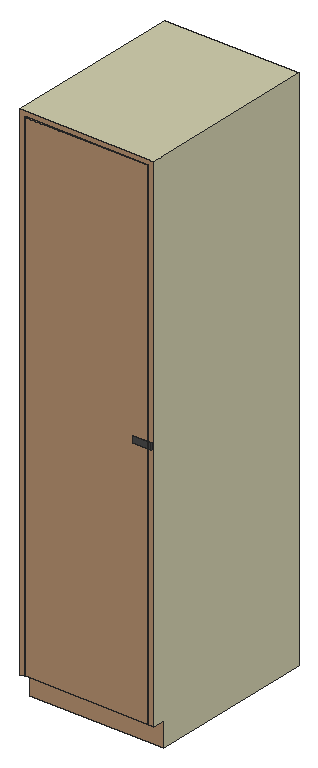
Revit family "Cabinet_Wenger_UltraStor_08", category Furniture, Revit 2015
Parameters (values of type "Narrow UltraStor Cabinet #08 - Comp Wood Doors")
  URL = "https://www.wengercorp.com/"
  Type Comments = ""
  Specification = "http://www.arcat.com/sdspecs/htm04/12_35_83wen.htm"
  Shelf Thickness = 0' - 1 1/8"
  Sales Information = "https://www.wengercorp.com/contact-us.php"
  Revision = "R1_2018-04"
  Rear Panel Thickness = 0' - 0 3/4"
  Product Data = "http://www.arcat.com/arcatcos/cos36/arc36487.html"
  Manufacturer Website = "https://www.wengercorp.com/"
  Manufacturer Phone - Toll Free = "800-4WENGER"
  Manufacturer Phone = "(507) 455-4100"
  Manufacturer Fax = "(507) 455-4258"
  Manufacturer Address = "555 Park Dr., Owatonna, MN 55060"
  Keynote = "12 35 83"
  HasDoors = yes
  Green Building-LEED = "http://www.arcat.com/green/clients/leed_data_36487.html"
  Drawn By = "Sumex Design, Inc. / Robert S. Weygant, CSI, CDT, SCIP"
  Door Width = (Cabinet Width - 0' 3") / 3  # 0' - 6.16667"
  Door Style = Door_FullHt : Solid Door
  Door Material [instance] = Wenger Cherry (Use Cherry Edge Band Only)
  Door Height = (Cabinet Height - 0' 4 3/4") / 5  # 1' - 4.175"
  Toe Kick Material [instance] = Wenger Cherry (Use Cherry Edge Band Only)
  RH End Panel [instance] = no
  Model = "#08N"
  Manufacturer = "Wenger Corporation"
  LH End Panel [instance] = no
  End Panel Material [instance] = Wenger Cherry (Use Cherry Edge Band Only)
  Edge Banding Material [instance] = Wenger Cherry (Use Cherry Edge Band Only)
  Cost = 0
  Copyright = "© 2018 Arcat Inc."
  Construction Details = "http://www.arcat.com/details/wengerco/wengerco.html?coid=36487"
  Body Material [instance] = Wenger - Oyster
  Description = "Wenger Narrow Cabinet #08 - Comp Wood Doors"
  Cabinet Width = 1' - 9 1/2"
  Cabinet Height = 7' - 1 5/8"
  Installed Depth = 2' - 5 1/4"
  Cabinet Panel Thickness = 0' - 0 3/4"
  Assembly Code = "E2010200"
Types (14): name | Rear Panel Thickness | HasDoors | Door Width | Door Style | Door Material | Model | Description | Cabinet Width | Installed Depth
  Acoustic Cabinet #08 - No Doors | 0' - 3 1/4" | no | 0' - 8.16667" | Door_FullHt : Solid Door | none | "#08A" | "Wenger Acoustic Cabinet #08 - No Doors" | 2' - 3 1/2" | 2' - 7 3/4"
  Narrow Acoustic Cabinet #08 - No Doors | 0' - 3 1/4" | no | 0' - 6.16667" | Door_FullHt : Solid Door | none | "#08NA" | "Wenger Narrow Acoustic Cabinet #08 - No Doors" | 1' - 9 1/2" | 2' - 7 3/4"
  Acoustic Cabinet #08 - Comp Waterfall Grille Doors | 0' - 3 1/4" | yes | 0' - 8.16667" | Door_FullHt : Waterfall | Painted Black | "#08A" | "Wenger Acoustic Cabinet #08 - Comp Waterfall Grille Doors" | 2' - 3 1/2" | 2' - 7 3/4"
  Narrow Acoustic Cabinet #08 - Comp Grille Doors | 0' - 3 1/4" | yes | 0' - 6.16667" | Door_FullHt : Bars | Painted Black | "#08NA" | "Wenger Narrow Acoustic Cabinet #08 - Comp Grille Doors" | 1' - 9 1/2" | 2' - 7 3/4"
  Narrow Acoustic Cabinet #08 - Comp Waterfall Grille Doors | 0' - 3 1/4" | yes | 0' - 6.16667" | Door_FullHt : Waterfall | Painted Black | "#08NA" | "Wenger Narrow Acoustic Cabinet #08 - Comp Waterfall Grille Doors" | 1' - 9 1/2" | 2' - 7 3/4"
  Acoustic Cabinet #08 - Comp Grille Doors | 0' - 3 1/4" | yes | 0' - 8.16667" | Door_FullHt : Bars | Painted Black | "#08A" | "Wenger Acoustic Cabinet #08 - Comp Grille Doors" | 2' - 3 1/2" | 2' - 7 3/4"
  UltraStor Cabinet #08 - No Doors | 0' - 0 3/4" | no | 0' - 8.16667" | Door_FullHt : Solid Door | none | "#08" | "Wenger UltraStor Cabinet #08 - No Doors" | 2' - 3 1/2" | 2' - 5 1/4"
  Narrow UltraStor Cabinet #08 - Comp Waterfall Grille Doors | 0' - 0 3/4" | yes | 0' - 6.16667" | Door_FullHt : Waterfall | Painted Black | "#08N" | "Wenger Narrow Cabinet #08 - Comp Waterfall Grille Doors" | 1' - 9 1/2" | 2' - 5 1/4"
  Narrow UltraStor Cabinet #08 - Comp Grille Doors | 0' - 0 3/4" | yes | 0' - 6.16667" | Door_FullHt : Bars | Painted Black | "#08N" | "Wenger Narrow Cabinet #08 - Comp Grille Doors" | 1' - 9 1/2" | 2' - 5 1/4"
  UltraStor Cabinet #08 - Comp Wood Doors | 0' - 0 3/4" | yes | 0' - 8.16667" | Door_FullHt : Solid Door | Wenger Cherry (Use Cherry Edge Band Only) | "#08" | "Wenger UltraStor Cabinet #08 - Comp Wood Doors" | 2' - 3 1/2" | 2' - 5 1/4"
  Narrow UltraStor Cabinet #08 - No Doors | 0' - 0 3/4" | no | 0' - 6.16667" | Door_FullHt : Solid Door | none | "#08N" | "Wenger Narrow Cabinet #08 - No Doors" | 1' - 9 1/2" | 2' - 5 1/4"
  UltraStor Cabinet #08 - Comp Grille Doors | 0' - 0 3/4" | yes | 0' - 8.16667" | Door_FullHt : Bars | Painted Black | "#08" | "Wenger UltraStor Cabinet #08 - Comp Grille Doors" | 2' - 3 1/2" | 2' - 5 1/4"
  UltraStor Cabinet #08 - Comp Waterfall Grille Doors | 0' - 0 3/4" | yes | 0' - 8.16667" | Door_FullHt : Waterfall | Painted Black | "#08" | "Wenger UltraStor Cabinet #08 - Comp Waterfall Grille Doors" | 2' - 3 1/2" | 2' - 5 1/4"
  Narrow UltraStor Cabinet #08 - Comp Wood Doors | 0' - 0 3/4" | yes | 0' - 6.16667" | Door_FullHt : Solid Door | Wenger Cherry (Use Cherry Edge Band Only) | "#08N" | "Wenger Narrow Cabinet #08 - Comp Wood Doors" | 1' - 9 1/2" | 2' - 5 1/4"
Reference planes (in)
  plane 1 "Front": y = 0
  plane 2: z = 0
  plane 3 "Left": x = 0
  plane 4 "Right": x = 21.5
  plane 5 "Back": y = 29.25
  plane 6 "Top": z = 85.625
  plane 7: z = 4
  plane 8: x = 0.75
  plane 9: x = 20.75
  plane 10: z = 84.875
  plane 11: x = 6.91667
  plane 12: x = 7.66667
  plane 13: x = 13.83333
  plane 14: x = 14.58333
  plane 15: y = 28.5
  plane 16: y = 2
  plane 17: y = 0.75
  plane 18: z = 5.125
Forms (in)
  Extrusion 1, solid, material "Wenger - Oyster" <- "Body Material"
    sketch origin (0, 0, 0) x (0, 1, 0) y (0, 0, 1)
      loop
        line (0, 85.625) -> (0, 4) -> (2, 4) -> (2, 0) -> (29.25, 0) -> (29.25, 85.625) -> (0, 85.625)
    from 0 to 21.5
  Extrusion 2, void
    sketch origin (0, 0, 0) x (0, 1, 0) y (0, 0, 1)
      loop
        line (-5.5, 84.875) -> (-5.5, 4) -> (0.75, 4)
        arc (0.75, 4) -> (1.15915, 4.80234) -> (2, 5.125) r 1.25694
        line (2, 5.125) -> (28.5, 5.125) -> (28.5, 84.875) -> (-5.5, 84.875)
    from 0.75 to 20.75
  Extrusion 3, void
    sketch origin (0, 0, 0) x (0, 1, 0) y (0, 0, 1)
      loop
        line (0, 84.875) -> (0, 4) -> (0.0625, 4) -> (0.0625, 84.875) -> (0, 84.875)
    from 0.75 to 20.75
Cuts and joins
  Extrusion 2, Extrusion 3 cuts Extrusion 1
Lines and regions (in)
  Masking region 1
    outline origin (0, 0, 0) x (1, 0, 0) y (0, 1, 0)
      loop
        line (0, 29.25) -> (0, 0) -> (21.5, 0) -> (21.5, 29.25) -> (0, 29.25)
Dimensions and locks (in)
  "Cabinet Panel Thickness": plane 3 "Left" to plane 8
  "Cabinet Panel Thickness": plane 9 to plane 4 "Right"
  "Cabinet Panel Thickness": plane 5 "Back" to plane 15
  locked: plane 1 "Front" to plane 17 at 0.75
  locked: plane 1 "Front" to plane 16 at 2
  "Cabinet Panel Thickness": plane 6 "Top" to plane 10
  "Shelf Thickness": plane 18 to plane 7
  "Cabinet Width": plane 3 "Left" to plane 4 "Right"
  locked: plane 7 to level at 4
  "Cabinet Height": plane 6 "Top" to level
  "Installed Depth": plane 1 "Front" to plane 5 "Back"
  "Door Width": plane 11 to plane 8
  "Door Width": plane 13 to plane 12
  "Door Width": plane 9 to plane 14
  plane 3 "Left" to plane 4 "Right" = 1' - 9 1/2"
  locked: plane 14 to plane 13 at 0.75
  equal spacing: plane 12, nested 2, plane 13
  equal spacing: plane 5 "Back", nested 2, plane 1 "Front"
  aligned and locked: Extrusion 1 sketch curve to plane 6 "Top"
  aligned and locked: Extrusion 1 sketch curve to plane 5 "Back"
  aligned and locked: Extrusion 1 sketch curve to plane 1 "Front"
  aligned and locked: Extrusion 1 sketch curve to plane 7
  aligned and locked: Extrusion 1 sketch curve to plane 16
  aligned and locked: Extrusion 1 sketch curve to level
  aligned and locked: Extrusion 1 to plane 4 "Right"
  aligned and locked: Extrusion 1 to plane 3 "Left"
  aligned and locked: Extrusion 2 sketch curve to plane 10
  aligned and locked: Extrusion 2 sketch curve to plane 18
  aligned and locked: Extrusion 2 to plane 8
  aligned and locked: Extrusion 3 sketch curve to cut or joined group of Extrusion 1, Extrusion 2, Extrusion 3  (x3)
  aligned and locked: Extrusion 3 to plane 9
  aligned and locked: Extrusion 3 to plane 8
  aligned and locked: nested 3 to plane 8
  aligned and locked: plane 7 to cut or joined group of Extrusion 1, Extrusion 2, Extrusion 3
  aligned and locked: nested 3 to plane 7
  aligned and locked: plane 17 to Extrusion 2 sketch curve
  aligned and locked: plane 1 "Front" to nested 4
  aligned and locked: nested 4 to level
  aligned and locked: nested 4 to plane 4 "Right"
  aligned and locked: Masking region 1 sketch curve to plane 5 "Back"
  aligned and locked: Masking region 1 sketch curve to plane 1 "Front"
  aligned and locked: plane 3 "Left" to Masking region 1 sketch curve
  aligned and locked: plane 4 "Right" to Masking region 1 sketch curve
  aligned and locked: plane 10 to nested 3
  aligned and locked: cut or joined group of Extrusion 1, Extrusion 2, Extrusion 3 to plane 9
  aligned and locked: nested 3 to plane 9
Automatic sketch dimensions
  plane 17 to Extrusion 3 sketch curve = 0' - 0 11/16"
  Extrusion 2 sketch curve to plane 7 = 0' - 0"
  Extrusion 2 sketch curve to plane 16 = 0' - 0"
  Extrusion 2 sketch curve to plane 15 = 0' - 0"
  plane 1 "Front" to Extrusion 2 sketch curve = 0' - 5 1/2"
Nested families (in)
  nested 1: "End Panel" at (0, 14.25, 0) x (0, -1, 0) z (0, 0, 1), End Panel Material <- "End Panel Material", visible <- "LH End Panel", Edge Banding Material <- "Edge Banding Material", type "End Panel"
    with End Panel Material Wenger Cherry (Use Cherry Edge Band Only), Edge Banding Material Wenger Cherry (Use Cherry Edge Band Only), End Panel Depth 2' - 5 1/4"
  nested 2: "Labels" at (10.75, 14.625, 0), type "Labels"
  nested 3: "Door_FullHt" at (10.75, 0, 4) x (1, 0, 0) z (0, -1, 0), type <- "Door Style", visible <- "HasDoors", type "Solid Door", detail levels medium+fine
    with vBars 18, Width 1' - 8", ToeKick Height 0' - 4", MidBar no, Height 6' - 8 7/8", HalfHt 3' - 4 3/16", BarHt 6' - 8 3/8", 2HzBars no
  nested 4: "End Panel" at (22.25, 14.25, 0) x (0, -1, 0) z (0, 0, 1), End Panel Material <- "End Panel Material", Edge Banding Material <- "Edge Banding Material", visible <- "RH End Panel", type "End Panel"
    with End Panel Material Wenger Cherry (Use Cherry Edge Band Only), Edge Banding Material Wenger Cherry (Use Cherry Edge Band Only), End Panel Depth 2' - 5 1/4"
Definition of nested family "End Panel"
  Parameters (values of type "End Panel")
    End Panel Material [instance] = none
    End Panel Height = 7' - 1 5/8"
    End Panel Depth = 1' - 9 3/4"
    Edge Banding Material [instance] = none
    Default Elevation = 4' - 0"
    Assembly Code = ""
  Reference planes (in)
    plane 1 "Center (Front/Back)": y = 0
    plane 2: z = 0
    plane 3 "Center (Left/Right)": x = 0
    plane 4: x = -15
    plane 5: x = 6.75
    plane 6: z = 4
    plane 7: x = 4.75
    plane 8: z = 85.625
    plane 9: y = -0.75
  Forms (in)
    Extrusion 1, solid, material <- "End Panel Material"
      sketch origin (0, 0, 0) x (1, 0, 0) y (0, 0, 1)
        loop
          line (-15, 85.625) -> (-15, 0) -> (4.75, 0) -> (4.75, 4) -> (6.75, 4) -> (6.75, 85.625) -> (-15, 85.625)
      from 0 to 0.75
  Lines and regions (in)
    Masking region 1, detail levels coarse+medium
      outline origin (0, 0, 0) x (1, 0, 0) y (0, 1, 0)
        loop
          line (-15, 0) -> (-15, -0.75) -> (6.75, -0.75) -> (6.75, 0) -> (-15, 0)
  Dimensions and locks (in)
    locked: plane 7 to plane 5 at 2
    locked: plane 6 to level at 4
    "End Panel Height": plane 8 to level
    "End Panel Depth": plane 5 to plane 4
    locked: plane 9 to plane 1 "Center (Front/Back)" at 0.75
    aligned and locked: plane 4 to Extrusion 1 sketch curve
    aligned and locked: level to Extrusion 1 sketch curve
    aligned and locked: plane 7 to Extrusion 1 sketch curve
    aligned and locked: plane 6 to Extrusion 1 sketch curve
    aligned and locked: Extrusion 1 sketch curve to plane 5
    aligned and locked: Extrusion 1 sketch curve to plane 8
    aligned and locked: Extrusion 1 to plane 9
    aligned and locked: Extrusion 1 to plane 1 "Center (Front/Back)"
    aligned and locked: plane 4 to Masking region 1 sketch curve
    aligned and locked: Masking region 1 sketch curve to plane 5
    aligned and locked: plane 1 "Center (Front/Back)" to Masking region 1 sketch curve
    aligned and locked: plane 9 to Masking region 1 sketch curve
Definition of nested family "Door_FullHt"
  Parameters (values of type "Solid Door")
    vBars [instance] = (Width - 0' 2") / 0' 1"  # 6
    Width [instance] = 0' - 8"
    ToeKick Height [instance] = 0' - 4"
    Thickness = 0' - 0 3/4"
    Solid Door = yes
    Shelf Thickness = 0' - 0 3/4"
    Panel Thickness = 0' - 0 3/4"
    MidBar [instance] = and(Height > 3' 6", HasDoor, not(Solid Door))  # no
    Height [instance] = 1' - 2 5/8"
    HasDoor = yes
    HalfHt [instance] = Height / 2 - 0' 0 1/4"  # 0' - 7 1/16"
    Edge Banding = none
    DoorGap = 0' - 0 1/8"
    Door Finish = none
    Depth = 2' - 0"
    Default Elevation = 4' - 0"
    Bars = no
    BarStyle = Bars : Waterfall
    BarHt [instance] = Height - 0' 0 1/2"  # 1' - 2 1/8"
    2HzBars [instance] = and(Height > 1' 6", not(Solid Door))  # no
  Types (3): name | Thickness | Solid Door | Bars | BarStyle
    Solid Door | 0' - 0 3/4" | yes | no | Bars : Waterfall
    Bars | 0' - 0 1/4" | no | yes | Bars : Straight
    Waterfall | 0' - 0 3/4" | no | yes | Bars : Waterfall
  Reference planes (in)
    plane 1 "Center (Front/Back)": y = 0
    plane 2: z = 0
    plane 3 "Center (Left/Right)": x = 0
    plane 4: x = -4
    plane 5: y = 14.625
    plane 6: x = 4
    plane 7: z = -0.75
    plane 8: x = -3.875
    plane 9: x = 3.875
    plane 10: y = 0.125
    plane 11: y = 14.5
    plane 12: y = -0.75
    plane 13 "CL Elev": y = 7.3125
    plane 14: x = -3.75
    plane 15: x = 3.75
    plane 16 "BtmRail": y = 0.25
    plane 17: y = 14.375
    plane 18: z = -0.125
    plane 19: x = -2.75
    plane 20: x = 2.75
    plane 21: y = 10.96875
    plane 22: y = 3.65625
  Forms (in)
    Extrusion 1, solid, material <- "Door Finish", visible <- "Solid Door", detail levels medium+fine
      sketch origin (0, 0, 0) x (1, 0, 0) y (0, 1, 0)
        loop
          arc (-3.75, 14.5) -> (-3.83839, 14.46339) -> (-3.875, 14.375) r 0.125
          line (-3.875, 14.375) -> (-3.875, 0.25)
          arc (-3.875, 0.25) -> (-3.83839, 0.16161) -> (-3.75, 0.125) r 0.125
          line (-3.75, 0.125) -> (3.75, 0.125)
          arc (3.75, 0.125) -> (3.83839, 0.16161) -> (3.875, 0.25) r 0.125
          line (3.875, 0.25) -> (3.875, 14.375)
          arc (3.875, 14.375) -> (3.83839, 14.46339) -> (3.75, 14.5) r 0.125
          line (3.75, 14.5) -> (-3.75, 14.5)
      from 0 to -0.75
    Sweep 2, solid, material <- "Door Finish", visible <- "Bars", detail levels medium+fine
      path origin (0, 0, 0) x (1, 0, 0) y (0, 1, 0)
        loop
          arc (-3.125, 14.5) -> (-3.65533, 14.28033) -> (-3.875, 13.75) r 0.75
          line (-3.875, 13.75) -> (-3.875, 0.875)
          arc (-3.875, 0.875) -> (-3.65533, 0.34467) -> (-3.125, 0.125) r 0.75
          line (-3.125, 0.125) -> (3.125, 0.125)
          arc (3.125, 0.125) -> (3.65533, 0.34467) -> (3.875, 0.875) r 0.75
          line (3.875, 0.875) -> (3.875, 13.75)
          arc (3.875, 13.75) -> (3.65533, 14.28033) -> (3.125, 14.5) r 0.75
          line (3.125, 14.5) -> (-3.125, 14.5)
      profile origin (0, 14.5, 0) x (0, 1, 0) y (0, 0, 1)
        loop
          circle (-0.125, -0.125) r 0.125
    Extrusion 3, solid, material <- "Door Finish", visible <- "MidBar", detail levels medium+fine
      sketch origin (0, 0, 0) x (0, 1, 0) y (0, 0, 1)
        loop
          circle (7.3125, -0.125) r 0.125
      from -3.75 to 3.75
    Extrusion 4, solid, visible <- "HasDoor", detail levels fine
      sketch origin (0, 0, 0) x (1, 0, 0) y (0, 1, 0)
        loop
          line (1.5, 7.8125) -> (1.5, 6.8125) -> (4.5, 6.8125) -> (4.5, 7.8125) -> (1.5, 7.8125)
      from 0 to 0.125
    Extrusion 5, solid, material <- "Door Finish", visible <- "2HzBars", detail levels medium+fine
      sketch origin (0, 0, 0) x (0, 1, 0) y (0, 0, 1)
        loop
          circle (10.96875, -0.125) r 0.125
        loop
          circle (3.65625, -0.125) r 0.125
      from -3.75 to 3.75
  Lines and regions (in)
    symbolic lines, visible <- "HasDoor", detail levels medium+fine
      curve 1: line (4, 0.25, 0) -> (-4, 0.25, 0)
      curve 2: line (-4, 0.25, 0) -> (-4, 0.25, 8)
      curve 3: arc (4, 0.25, 0) -> (1.65685, 0.25, 5.65685) -> (-4, 0.25, 8) r 8
    symbolic lines, visible <- "HasDoor"
      curve 4: line (3.875, 0.25, 0) -> (3.875, 0.25, -0.75)
      curve 5: line (3.875, 0.25, -0.75) -> (-3.875, 0.25, -0.75)
      curve 6: line (-3.875, 0.25, -0.75) -> (-3.875, 0.25, 0)
    symbolic lines, detail levels medium
      curve 7: line (3.875, 14.5, 0) -> (-3.875, 7.3125, 0)
      curve 8: line (-3.875, 7.3125, 0) -> (3.875, 0.125, 0)
  Dimensions and locks (in)
    "Height": plane 1 "Center (Front/Back)" to plane 5
    "Thickness": level to plane 7
    equal spacing: plane 4, plane 3 "Center (Left/Right)", plane 6
    "Width": plane 4 to plane 6
    "DoorGap": plane 5 to plane 11
    "DoorGap": plane 9 to plane 6
    "DoorGap": plane 4 to plane 8
    "DoorGap": plane 1 "Center (Front/Back)" to plane 10
    "Shelf Thickness": plane 1 "Center (Front/Back)" to plane 12
    equal spacing: plane 1 "Center (Front/Back)", plane 22, plane 13 "CL Elev", plane 21, plane 5
    locked: plane 15 to plane 9 at 0.125
    locked: plane 8 to plane 14 at 0.125
    locked: plane 11 to plane 17 at 0.125
    locked: plane 16 "BtmRail" to plane 10 at 0.125
    locked: level to plane 18 at 0.125
    plane 19 to plane 14 = 0' - 1"
    locked: plane 15 to plane 20 at 1
    Extrusion 4 sketch curve to plane 13 "CL Elev" to Extrusion 4 sketch curve = 0' - 0 1/2" locked, 0' - 0 1/2" locked
    locked: plane 6 to Extrusion 4 sketch curve at 0.5
    locked: Extrusion 4 sketch curve to plane 6 at 2.5
    locked: Extrusion 4 to level at 0.125
    equal spacing: group 1, group 3, group 4, group 5, group 6, group 2  (x3)
    equal spacing: group 7, group 9, group 10, group 11, group 12, group 8  (x2)
    equal spacing: group 8, group 12, group 11, group 10, group 9, group 7
    "Width": radius of curve 3
    aligned and locked: plane 2 to level
    aligned and locked: Extrusion 1 sketch curve to plane 11
    aligned and locked: plane 8 to Extrusion 1 sketch curve
    aligned and locked: Extrusion 1 sketch curve to plane 9
    aligned and locked: plane 10 to Extrusion 1 sketch curve
    aligned and locked: Extrusion 1 to plane 7
    aligned and locked: level to Extrusion 1
    aligned and locked: Sweep 2 sketch curve to plane 11
    aligned and locked: plane 8 to Sweep 2 sketch curve
    aligned and locked: plane 10 to Sweep 2 sketch curve
    aligned and locked: Sweep 2 sketch curve to plane 9
    aligned and locked: plane 15 to Extrusion 3
    aligned and locked: Extrusion 3 to plane 14
    aligned and locked: plane 20 to nested 2
    aligned and locked: plane 19 to nested 1
    aligned and locked: plane 21 to Extrusion 5 sketch curve
    aligned and locked: plane 18 to Extrusion 5 sketch curve  (x2)
    aligned and locked: plane 22 to Extrusion 5 sketch curve
    aligned and locked: Extrusion 5 to Extrusion 3  (x2)
    aligned and locked: plane 4 to curve 3  (x2)
    aligned and locked: level to curve 3
    aligned and locked: plane 7 to curve 5
    aligned and locked: Extrusion 1 to plane 8
    aligned and locked: plane 9 to Extrusion 1
    aligned and locked: plane 10 to curve 8
    aligned and locked: plane 9 to curve 8
    aligned and locked: plane 13 "CL Elev" to curve 8
    aligned and locked: plane 11 to curve 7
    aligned and locked: plane 9 to curve 7
    aligned and locked: plane 19 to nested 7
    aligned and locked: plane 13 "CL Elev" to nested 7
    aligned and locked: plane 20 to nested 8
    aligned and locked: plane 13 "CL Elev" to nested 8
    aligned and locked: plane 18 to nested 7
    aligned and locked: plane 18 to nested 9
  Automatic sketch dimensions
    plane 8 to Sweep 2 sketch curve = 0' - 0 3/4"  (x2)
    Sweep 2 sketch curve to plane 9 = 0' - 0 3/4"
    Sweep 2 sketch curve to Sweep 2 sketch curve = 0' - 0 3/4"
    Sweep 2 sketch curve to level = 0' - 0 1/8"
    profile plane to Sweep 2 sketch curve = 0' - 0 1/8"
    Extrusion 3 sketch curve to level = 0' - 0 1/8"
    Extrusion 3 sketch curve to plane 13 "CL Elev" = 0' - 0"
    curve 8 to plane 8 = 0' - 0"
    Extrusion 1 sketch curve to plane 14 = 0' - 0"  (x2)
    Extrusion 1 sketch curve to plane 15 = 0' - 0"  (x2)
    curve 5 to plane 9 = 0' - 0"
    curve 6 to plane 8 = 0' - 0"
    radius of Sweep 2 sketch curve = 0' - 0 1/8"
    radius of Extrusion 3 sketch curve = 0' - 0 1/8"
    radius of Extrusion 5 sketch curve = 0' - 0 1/8"  (x2)
  Nested families (in)
    nested 1: "Bars" at (-2.75, 0.25, -0.125) x (1, 0, 0) z (0, 1, 0), type <- "BarStyle", visible <- "Bars", type "Waterfall", detail levels fine
    nested 2: "Bars" at (2.75, 0.25, -0.125) x (1, 0, 0) z (0, 1, 0), type <- "BarStyle", visible <- "Bars", type "Waterfall", detail levels fine
    nested 3: "Bars" at (-1.65, 0.25, -0.125) x (1, 0, 0) z (0, 1, 0), type <- "BarStyle", visible <- "Bars", type "Waterfall", detail levels fine
    nested 4: "Bars" at (-0.55, 0.25, -0.125) x (1, 0, 0) z (0, 1, 0), type <- "BarStyle", visible <- "Bars", type "Waterfall", detail levels fine
    nested 5: "Bars" at (0.55, 0.25, -0.125) x (1, 0, 0) z (0, 1, 0), type <- "BarStyle", visible <- "Bars", type "Waterfall", detail levels fine
    nested 6: "Bars" at (1.65, 0.25, -0.125) x (1, 0, 0) z (0, 1, 0), type <- "BarStyle", visible <- "Bars", type "Waterfall", detail levels fine
    nested 7: "Bars" at (-2.75, 7.3125, -0.125) x (1, 0, 0) z (0, 1, 0), type <- "BarStyle", visible <- "Bars", type "Waterfall"
    nested 8: "Bars" at (2.75, 7.3125, -0.125) x (1, 0, 0) z (0, 1, 0), type <- "BarStyle", visible <- "Bars", type "Waterfall"
    nested 9: "Bars" at (-1.65, 7.3125, -0.125) x (1, 0, 0) z (0, 1, 0), type <- "BarStyle", visible <- "Bars", type "Waterfall"
    nested 10: "Bars" at (-0.55, 7.3125, -0.125) x (1, 0, 0) z (0, 1, 0), type <- "BarStyle", visible <- "Bars", type "Waterfall"
    nested 11: "Bars" at (0.55, 7.3125, -0.125) x (1, 0, 0) z (0, 1, 0), type <- "BarStyle", visible <- "Bars", type "Waterfall"
    nested 12: "Bars" at (1.65, 7.3125, -0.125) x (1, 0, 0) z (0, 1, 0), type <- "BarStyle", visible <- "Bars", type "Waterfall"
  Definition of nested family "Bars"
    Parameters (values of type "Straight")
      WaterFall = no
      Straight = yes
      Lateral Deviation = 0' - 1"
      Height = 0' - 7 1/16"
      Default Elevation = 4' - 0"
      Bars = none
    Types (2): name | WaterFall | Straight
      Waterfall | yes | no
      Straight | no | yes
    Reference planes (in)
      plane 1 "Center (Front/Back)": y = 0
      plane 2: z = 0
      plane 3 "Center (Left/Right)": x = 0
      plane 4: z = 7.0625
      plane 5: z = 3.53125
      plane 6: x = 0.5
      plane 7: x = -0.5
      plane 8: z = 5.29687
      plane 9: z = 1.76562
    Forms (in)
      Sweep 1, solid, material <- "Bars", visible <- "WaterFall", detail levels fine
        path origin (0, 0, 0) x (1, 0, 0) y (0, 0, 1)
          loop
            arc (0, 0) -> (0.37259, 0.8481) -> (0.5, 1.76563) r 3.36743
            arc (0.5, 1.76563) -> (0.37259, 2.68315) -> (0, 3.53125) r 3.36743
        profile origin (0.37259, 0, 0.8481) x (-0.962164, 0, 0.272471) y (0, -1, 0)
          loop
            circle (0, 0) r 0.0625
      Sweep 2, solid, material <- "Bars", visible <- "WaterFall", detail levels fine
        path origin (0, 0, 14.625) x (-1, 0, 0) y (0, 0, -1)
          loop
            arc (0, 7.5625) -> (0.37259, 8.4106) -> (0.5, 9.32812) r 3.36743
            arc (0.5, 9.32812) -> (0.37259, 10.24565) -> (0, 11.09375) r 3.36743
        profile origin (-0.37259, 0, 6.2144) x (0.962164, 0, -0.272471) y (0, -1, 0)
          loop
            circle (0, 0) r 0.0625
      Extrusion 3, solid, material <- "Bars", visible <- "Straight", detail levels fine
        sketch origin (0, 0, 0) x (1, 0, 0) y (0, 1, 0)
          loop
            circle (0, 0) r 0.0625
        from 0 to 7.0625
    Dimensions and locks (in)
      "Height": plane 4 to level
      equal spacing: plane 6, plane 3 "Center (Left/Right)", plane 7
      "Lateral Deviation": plane 6 to plane 7
      equal spacing: plane 4, plane 8, plane 5, plane 9, level
      aligned and locked: plane 2 to level
      aligned and locked: plane 3 "Center (Left/Right)" to Sweep 1 sketch curve  (x2)
      aligned and locked: level to Sweep 1 sketch curve
      aligned and locked: plane 6 to Sweep 1 sketch curve
      aligned and locked: plane 9 to Sweep 1 sketch curve
      aligned and locked: plane 4 to Sweep 2 sketch curve
      aligned and locked: plane 3 "Center (Left/Right)" to Sweep 2 sketch curve  (x2)
      aligned and locked: plane 8 to Sweep 2 sketch curve
      aligned and locked: plane 7 to Sweep 2 sketch curve
      aligned and locked: plane 5 to Sweep 2 sketch curve
      aligned and locked: plane 4 to Extrusion 3
      aligned and locked: Extrusion 3 to level
    Automatic sketch dimensions
      plane 1 "Center (Front/Back)" to Sweep 1 sketch curve = 0' - 0"
      Sweep 1 sketch curve to profile plane = 0' - 0"
      Sweep 1 sketch curve to Sweep 1 sketch curve = 0' - 0"
      Sweep 2 sketch curve to plane 1 "Center (Front/Back)" = 0' - 0"
      Sweep 2 sketch curve to profile plane = 0' - 0"
      plane 1 "Center (Front/Back)" to Extrusion 3 sketch curve = 0' - 0"
      Extrusion 3 sketch curve to plane 3 "Center (Left/Right)" = 0' - 0"
      radius of Sweep 1 sketch curve = 0' - 0 1/16"
      radius of Sweep 2 sketch curve = 0' - 0 1/16"
      radius of Extrusion 3 sketch curve = 0' - 0 1/16"
Definition of nested family "Labels"
  Parameters
    Cabinet Label = "01"
  Reference planes (in)
    plane 1: y = 0
    plane 2: x = 0
  Text (in)
    label "xxxx" at (-0.00018, 0.00754, 0), shows "Cabinet Label"
